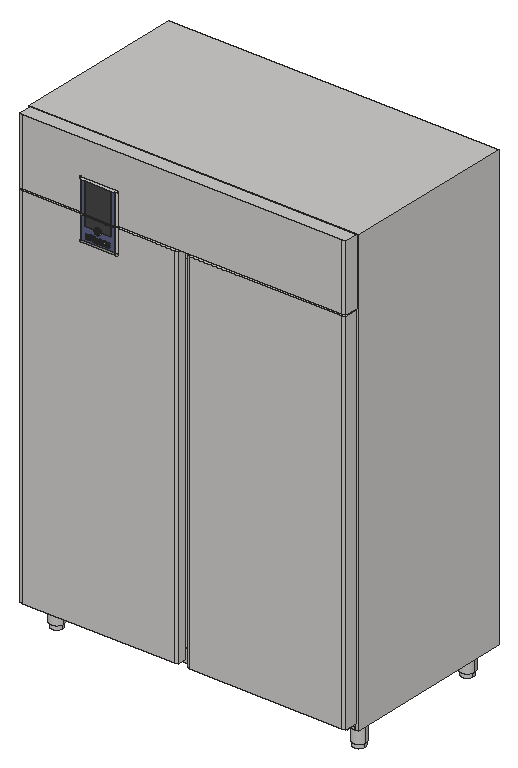
Revit family "QF_ELECTROLUXPROFESSIONAL_725238_ESP142FRRCO2", category Specialty Equipment, Revit 2018
Family settings
  Round Connector Dimension = Use Diameter
  Part Type = Normal
  Work Plane-Based = No
  Always vertical = Yes
  Cut with Voids When Loaded = No
  Shared = No
  Room Calculation Point = No
Parameters (values of type "Standard")
  Weight = 165.00 kg
  Watts = 0 W
  Volts = 220 V
  URL Manufacturer = "http://professional.electrolux.com"
  URL = "http://professional.electrolux.com"
  Steam Supply Size = 0 mm
  Steam Supply Minimum Pressure = 0.0 Pa
  Steam Supply Maximum Pressure = 0.0 Pa
  Steam Pounds per Hour = 0
  Refrigeration Suction Line Size = 0.031 mm
  Refrigeration Liquid Line Size = 0.02 mm
  Refrigerant Compressor Remote = yes
  Manufacturer = "Electrolux Professional"
  Phase = 1
  Model = "ESP142FRRCO2"
  Length Actual = 1441 mm  # constant formula
  Item Number = "725238"
  Hot Water Size = 0 mm
  Height Actual = 2050 mm  # constant formula
  HP = "0.2 HP"
  Gas Size = 0 mm
  Gas KW = 0
  Gas Input Pressure = 0 W
  Direct Waste Size = 0 mm
  Description = "2-DOOR REFRIG 1430L -2/+10°C, DIGIT, REM, CO2 W/VALVE"
  Depth Actual = 835 mm  # constant formula
  Cycle = 60 Hz
  Condensate Return Size = 0 mm
  Compressed Air Volume = 0.0 L/s
  Compressed Air Size = 0 mm
  Compressed Air Pressure = 0.0 Pa
  Cold Water Size = 0 mm
  Accessory = yes
Reference planes
  plane 1 "Center (Front/Back)": y = 0
  plane 2: z = 0
  plane 3 "Center (Left/Right)": x = 0
  plane 4 "BASE": z = 110
  plane 5 "TOP": z = 2050
  plane 6 "FRONT": y = -417.5
  plane 7 "BACK": y = 417.5
  plane 8 "LEFT": x = -720.5
  plane 9 "RIGHT": x = 720.5
  plane 10 "RO_Y": x = -245
  plane 11 "RO_X": y = -166.5
  plane 12 "RI_Y": x = -206
  plane 13 "RI_X": y = -187.5
  plane 14: z = 1802
Forms (mm)
  Extrusion 1, solid, material "QF_Finishes_Stainless Steel"
    sketch origin (0, 0, 0) x (1, 0, 0) y (0, 1, 0)
      loop
        circle (-643.5, 344.5) r 25
      loop
        circle (643.5, 344.5) r 25
      loop
        circle (-660.5, -269.5) r 25
      loop
        circle (660.5, -269.5) r 25
      loop
        circle (0, -121) r 25
    from 0 to 20
  Extrusion 2, solid, material "QF_Finishes_Stainless Steel"
    sketch origin (0, 0, 0) x (1, 0, 0) y (0, 1, 0)
      loop
        circle (-643.5, 344.5) r 30
      loop
        circle (643.5, 344.5) r 30
      loop
        circle (660.5, -269.5) r 30
      loop
        circle (-660.5, -269.5) r 30
      loop
        circle (0, -121) r 30
    from 20 to 110
  Extrusion 3, solid, material "QF_Finishes_Stainless Steel"
    sketch origin (0, 0, 110) x (-1, 0, 0) y (0, -1, 0)
      loop
        line (720.5, -417.5) -> (720.5, 345.5) -> (-720.5, 345.5) -> (-720.5, -417.5) -> (720.5, -417.5)
    from 0 to 1940
  Extrusion 4, solid
    sketch origin (0, 417.5, 1685) x (-1, 0, 0) y (0, 0, 1)
      loop
        circle (704.5, 124) r 10
    from 0 to 3.2
  Extrusion 5, solid, material "QF_Door-Drawer Clearances", detail levels coarse
    sketch origin (0, 0, 110) x (-1, 0, 0) y (0, -1, 0)
      loop
        line (-712.5, 409.5) -> (-648.5, 409.5) -> (-648.5, 1006.5) -> (-666.5, 1006.5) -> (-666.5, 1024.5) -> (-688.5, 1024.5) -> (-688.5, 1062.5) -> (-712.5, 1062.5) -> (-712.5, 409.5)
    from 1642.965 to 28
  Extrusion 6, solid, material "QF_Door-Drawer Clearances", detail levels coarse
    sketch origin (0, 0, 110) x (-1, 0, 0) y (0, -1, 0)
      loop
        line (-648.5, 409.5) -> (0, 409.5)
        arc (0, 409.5) -> (-211.9, 875.546) -> (-688.5, 1062.5) r 681.392
        line (-688.5, 1062.5) -> (-688.5, 1024.5) -> (-666.5, 1024.5) -> (-666.5, 1006.5) -> (-648.5, 1006.5) -> (-648.5, 409.5)
    from 1642.965 to 28
  Extrusion 7, solid, material "QF_Clearances", detail levels coarse
    sketch origin (0, 0, 110) x (-1, 0, 0) y (0, -1, 0)
      loop
        line (720.5, 417.5) -> (720.5, -417.5) -> (-720.5, -417.5) -> (-720.5, 417.5) -> (-740.5, 417.5) -> (-740.5, -447.5) -> (740.5, -447.5) -> (740.5, 417.5) -> (720.5, 417.5)
    from -110 to 1940
  Extrusion 8, solid, material "QF_Clearances", detail levels coarse
    sketch origin (0, 0, 2050) x (-1, 0, 0) y (0, -1, 0)
      loop
        line (740.5, -447.5) -> (740.5, 417.5) -> (-740.5, 417.5) -> (-740.5, -447.5) -> (740.5, -447.5)
    from 0 to 500
  Extrusion 9, void
    sketch origin (0, 417.5, 0) x (-1, 0, 0) y (0, 0, 1)
      loop
        line (645.5, 1724) -> (430, 1724) -> (430, 1695) -> (-430, 1695) -> (-430, 1724) -> (-645.5, 1724) -> (-645.5, 180) -> (-322.75, 170.906) -> (0, 180) -> (322.75, 170.906) -> (645.5, 180) -> (645.5, 1724)
    from -56 to -763
  Extrusion 10, solid, material "QF_Door-Drawer Clearances", detail levels coarse
    sketch origin (0, 0, 110) x (1, 0, 0) y (0, 1, 0)
      loop
        line (-712.5, -409.5) -> (-712.5, -1062.5) -> (-688.5, -1062.5) -> (-688.5, -1024.5) -> (-666.5, -1024.5) -> (-666.5, -1006.5) -> (-648.5, -1006.5) -> (-648.5, -409.5) -> (-712.5, -409.5)
    from 1642.965 to 28
  Extrusion 11, solid, material "QF_Door-Drawer Clearances", detail levels coarse
    sketch origin (0, 0, 110) x (1, 0, 0) y (0, 1, 0)
      loop
        line (-648.5, -409.5) -> (-648.5, -1006.5) -> (-666.5, -1006.5) -> (-666.5, -1024.5) -> (-688.5, -1024.5) -> (-688.5, -1062.5)
        arc (-688.5, -1062.5) -> (-211.9, -875.546) -> (0, -409.5) r 681.392
        line (0, -409.5) -> (-648.5, -409.5)
    from 1642.965 to 28
  Extrusion 12, solid, material "QF_Finishes_Stainless Steel"
    sketch origin (0, 417.5, 0) x (-1, 0, 0) y (0, 0, 1)
      loop
        line (40, 170.62) -> (40, 1695) -> (-40, 1695) -> (-40, 170.62) -> (0, 170) -> (40, 170.62)
    from -723 to -763
  Extrusion 13, solid, material "QF_Finishes_Stainless Steel"
    sketch origin (0, 0, 110) x (-1, 0, 0) y (0, -1, 0)
      loop
        circle (322.75, 254.5) r 7.938
      loop
        circle (-322.75, 254.5) r 7.938
    from 0 to -10
  Extrusion 14, solid, material "QF_Finishes_Stainless Steel"
    sketch origin (0, 0, 2050) x (-1, 0, 0) y (0, -1, 0)
      loop
        circle (245, 166.5) r 4.75
    from -29 to -137.696
  Extrusion 15, solid, material "QF_Finishes_Stainless Steel"
    sketch origin (0, 0, 0) x (0, 1, 0) y (0, 0, 1)
      loop
        circle (-187.5, 1855) r 3
    from -141.13 to -206
Cuts and joins
  joined: Extrusion 7, Extrusion 8
  Extrusion 9 cuts Extrusion 3
Lines and regions (mm)
  symbolic lines, style "SpecialityEquipmentHiddenLines"
    curve 1: line (712.5, -409.5, 110) -> (712.5, -1062.5, 110)
    curve 2: line (712.5, -1062.5, 110) -> (688.5, -1062.5, 110)
    curve 3: line (648.5, -409.5, 110) -> (648.5, -1006.5, 110)
    curve 4: line (688.5, -1062.5, 110) -> (688.5, -1024.5, 110)
    curve 5: line (688.5, -1024.5, 110) -> (666.5, -1024.5, 110)
    curve 6: line (666.5, -1024.5, 110) -> (666.5, -1006.5, 110)
    curve 7: line (666.5, -1006.5, 110) -> (648.5, -1006.5, 110)
    curve 13: arc (0, -409.5, 110) -> (211.9, -875.546, 110) -> (688.5, -1062.5, 110) r 681.392
    curve 14: line (-712.5, -1062.5, 110) -> (-688.5, -1062.5, 110)
    curve 15: line (-648.5, -409.5, 110) -> (-648.5, -1006.5, 110)
    curve 16: line (-688.5, -1062.5, 110) -> (-688.5, -1024.5, 110)
    curve 17: line (-688.5, -1024.5, 110) -> (-666.5, -1024.5, 110)
    curve 18: line (-666.5, -1024.5, 110) -> (-666.5, -1006.5, 110)
    curve 19: line (-666.5, -1006.5, 110) -> (-648.5, -1006.5, 110)
    curve 20: arc (0, -409.5, 110) -> (-211.9, -875.546, 110) -> (-688.5, -1062.5, 110) r 681.392
    curve 21: line (-712.5, -409.5, 110) -> (-712.5, -1062.5, 110)
  symbolic lines, style "QF_Clearances", detail levels coarse
    curve 8: line (-720.5, -417.5, 2050) -> (-740.5, -417.5, 2050)
    curve 9: line (-740.5, -417.5, 2050) -> (-740.5, 447.5, 2050)
    curve 10: line (-740.5, 447.5, 2050) -> (740.5, 447.5, 2050)
    curve 11: line (740.5, 447.5, 2050) -> (740.5, -417.5, 2050)
    curve 12: line (740.5, -417.5, 2050) -> (720.5, -417.5, 2050)
  symbolic lines
    curve 22: line (720.5, 417.5, 110) -> (-720.5, 417.5, 110)
    curve 23: line (720.5, -345.5, 110) -> (720.5, 417.5, 110)
    curve 24: line (-720.5, -345.5, 110) -> (720.5, -345.5, 110)
    curve 25: line (-720.5, 417.5, 110) -> (-720.5, -345.5, 110)
Dimensions and locks
  equal spacing: plane 7 "BACK", plane 1 "Center (Front/Back)", plane 6 "FRONT"
  equal spacing: plane 8 "LEFT", plane 3 "Center (Left/Right)", plane 9 "RIGHT"
  plane 8 "LEFT" to plane 9 "RIGHT" = 1441 mm
  plane 7 "BACK" to plane 6 "FRONT" = 835 mm
  plane 5 "TOP" to plane 2 = 2050 mm
  plane 8 "LEFT" to plane 10 "RO_Y" = 475.5 mm
  plane 7 "BACK" to plane 11 "RO_X" = 584 mm
  plane 7 "BACK" to plane 13 "RI_X" = 605 mm
  plane 5 "TOP" to plane 14 = 248 mm
  Extrusion 14 to plane 14 = 219 mm
  Extrusion 15 to plane 14 = 53 mm
  aligned and locked: level to plane 2
Automatic sketch dimensions
  curve 12 to plane 6 "FRONT" = 0 mm
  curve 12 to plane 9 "RIGHT" = 0 mm
  curve 8 to plane 6 "FRONT" = 0 mm
  curve 8 to plane 8 "LEFT" = 0 mm
  curve 10 to plane 9 "RIGHT" = 20 mm
  curve 8 to curve 9 = 20 mm
  plane 7 "BACK" to curve 10 = 30 mm
  Extrusion 1 sketch curve to plane 3 "Center (Left/Right)" = 0 mm
  plane 8 "LEFT" to Extrusion 1 sketch curve = 77 mm
  plane 8 "LEFT" to Extrusion 1 sketch curve = 60 mm
  plane 9 "RIGHT" to Extrusion 1 sketch curve = 77 mm
  plane 9 "RIGHT" to Extrusion 1 sketch curve = 60 mm
  plane 6 "FRONT" to Extrusion 1 sketch curve = 148 mm  (x2)
  plane 1 "Center (Front/Back)" to Extrusion 1 sketch curve = 121 mm
  Extrusion 1 sketch curve to plane 7 "BACK" = 73 mm  (x2)
  Extrusion 2 sketch curve to plane 3 "Center (Left/Right)" = 0 mm
  plane 8 "LEFT" to Extrusion 2 sketch curve = 77 mm
  plane 8 "LEFT" to Extrusion 2 sketch curve = 60 mm
  plane 9 "RIGHT" to Extrusion 2 sketch curve = 77 mm
  plane 9 "RIGHT" to Extrusion 2 sketch curve = 60 mm
  plane 6 "FRONT" to Extrusion 2 sketch curve = 148 mm  (x2)
  plane 1 "Center (Front/Back)" to Extrusion 2 sketch curve = 121 mm
  Extrusion 2 sketch curve to plane 7 "BACK" = 73 mm  (x2)
  Extrusion 3 sketch curve to plane 7 "BACK" = 0 mm
  Extrusion 3 sketch curve to plane 9 "RIGHT" = 0 mm
  Extrusion 3 sketch curve to plane 8 "LEFT" = 0 mm
  plane 6 "FRONT" to Extrusion 3 sketch curve = 72 mm
  plane 8 "LEFT" to Extrusion 4 sketch curve = 16 mm
  Extrusion 4 sketch curve to plane 5 "TOP" = 241 mm
  plane 9 "RIGHT" to Extrusion 5 sketch curve = 8 mm
  plane 9 "RIGHT" to Extrusion 5 sketch curve = 32 mm
  Extrusion 5 sketch curve to Extrusion 5 sketch curve = 22 mm
  plane 6 "FRONT" to Extrusion 5 sketch curve = 8 mm
  Extrusion 5 sketch curve to Extrusion 5 sketch curve = 64 mm
  Extrusion 5 sketch curve to plane 6 "FRONT" = 589 mm
  Extrusion 5 sketch curve to Extrusion 5 sketch curve = 18 mm
  Extrusion 5 sketch curve to Extrusion 5 sketch curve = 38 mm
  Extrusion 6 sketch curve to plane 3 "Center (Left/Right)" = 0 mm
  plane 9 "RIGHT" to Extrusion 6 sketch curve = 72 mm
  Extrusion 6 sketch curve to Extrusion 6 sketch curve = 18 mm  (x2)
  plane 9 "RIGHT" to Extrusion 6 sketch curve = 39.698 mm
  Extrusion 6 sketch curve to Extrusion 6 sketch curve = 22 mm
  plane 6 "FRONT" to Extrusion 6 sketch curve = 36.349 mm
  plane 6 "FRONT" to Extrusion 6 sketch curve = 8 mm
  Extrusion 6 sketch curve to Extrusion 6 sketch curve = 56 mm
  Extrusion 7 sketch curve to plane 6 "FRONT" = 0 mm  (x2)
  Extrusion 7 sketch curve to plane 7 "BACK" = 0 mm
  Extrusion 7 sketch curve to plane 9 "RIGHT" = 0 mm
  Extrusion 7 sketch curve to plane 8 "LEFT" = 0 mm
  Extrusion 7 sketch curve to plane 9 "RIGHT" = 20 mm
  Extrusion 7 sketch curve to Extrusion 7 sketch curve = 20 mm
  plane 7 "BACK" to Extrusion 7 sketch curve = 30 mm
  Extrusion 8 sketch curve to plane 6 "FRONT" = 0 mm
  Extrusion 8 sketch curve to plane 9 "RIGHT" = 20 mm
  Extrusion 8 sketch curve to plane 8 "LEFT" = 20 mm
  plane 7 "BACK" to Extrusion 8 sketch curve = 30 mm
  Extrusion 10 sketch curve to plane 8 "LEFT" = 8 mm
  Extrusion 10 sketch curve to plane 8 "LEFT" = 32 mm
  Extrusion 10 sketch curve to Extrusion 10 sketch curve = 22 mm
  Extrusion 10 sketch curve to plane 6 "FRONT" = 8 mm
  Extrusion 10 sketch curve to Extrusion 10 sketch curve = 64 mm
  plane 6 "FRONT" to Extrusion 10 sketch curve = 589 mm
  Extrusion 10 sketch curve to Extrusion 10 sketch curve = 18 mm
  Extrusion 10 sketch curve to Extrusion 10 sketch curve = 38 mm
  Extrusion 11 sketch curve to plane 3 "Center (Left/Right)" = 0 mm
  Extrusion 11 sketch curve to plane 8 "LEFT" = 72 mm
  Extrusion 11 sketch curve to Extrusion 11 sketch curve = 18 mm  (x2)
  Extrusion 11 sketch curve to plane 8 "LEFT" = 39.698 mm
  Extrusion 11 sketch curve to Extrusion 11 sketch curve = 22 mm
  Extrusion 11 sketch curve to plane 6 "FRONT" = 36.349 mm
  Extrusion 11 sketch curve to plane 6 "FRONT" = 8 mm
  Extrusion 11 sketch curve to Extrusion 11 sketch curve = 56 mm
  Extrusion 12 sketch curve to plane 3 "Center (Left/Right)" = 0 mm
  plane 3 "Center (Left/Right)" to Extrusion 12 sketch curve = 40 mm
  Extrusion 12 sketch curve to plane 3 "Center (Left/Right)" = 40 mm
  plane 4 "BASE" to Extrusion 12 sketch curve = 60 mm
  Extrusion 12 sketch curve to Extrusion 12 sketch curve = 0.62 mm  (x2)
  Extrusion 12 sketch curve to Extrusion 12 sketch curve = 1524.38 mm
  Extrusion 9 sketch curve to plane 3 "Center (Left/Right)" = 0 mm
  plane 4 "BASE" to Extrusion 9 sketch curve = 60.906 mm  (x2)
  plane 3 "Center (Left/Right)" to Extrusion 9 sketch curve = 322.75 mm
  plane 9 "RIGHT" to Extrusion 9 sketch curve = 290.5 mm
  plane 9 "RIGHT" to Extrusion 9 sketch curve = 75 mm
  Extrusion 9 sketch curve to plane 3 "Center (Left/Right)" = 322.75 mm
  plane 8 "LEFT" to Extrusion 9 sketch curve = 290.5 mm
  plane 8 "LEFT" to Extrusion 9 sketch curve = 75 mm
  plane 4 "BASE" to Extrusion 9 sketch curve = 70 mm  (x3)
  Extrusion 9 sketch curve to plane 5 "TOP" = 355 mm
  Extrusion 9 sketch curve to Extrusion 9 sketch curve = 29 mm  (x2)
  plane 3 "Center (Left/Right)" to Extrusion 13 sketch curve = 322.75 mm
  Extrusion 13 sketch curve to plane 3 "Center (Left/Right)" = 322.75 mm
  plane 6 "FRONT" to Extrusion 13 sketch curve = 163 mm  (x2)
  Extrusion 14 sketch curve to plane 10 "RO_Y" = 0 mm
  Extrusion 14 sketch curve to plane 11 "RO_X" = 0 mm
  Extrusion 15 sketch curve to plane 13 "RI_X" = 0 mm
  plane 14 to Extrusion 15 sketch curve = 53 mm
  curve 24 to plane 9 "RIGHT" = 0 mm
  curve 13 to plane 3 "Center (Left/Right)" = 0 mm
  curve 24 to plane 8 "LEFT" = 0 mm
  curve 25 to plane 7 "BACK" = 0 mm
  plane 9 "RIGHT" to curve 1 = 8 mm
  plane 9 "RIGHT" to curve 4 = 32 mm
  plane 9 "RIGHT" to curve 13 = 39.698 mm
  curve 4 to curve 6 = 22 mm
  curve 6 to curve 7 = 18 mm
  plane 8 "LEFT" to curve 15 = 72 mm
  curve 15 to curve 18 = 18 mm
  plane 8 "LEFT" to curve 20 = 39.698 mm
  plane 8 "LEFT" to curve 14 = 32 mm
  plane 8 "LEFT" to curve 21 = 8 mm
  plane 6 "FRONT" to curve 24 = 72 mm
  plane 6 "FRONT" to curve 20 = 36.349 mm
  plane 6 "FRONT" to curve 13 = 36.349 mm
  curve 6 to plane 6 "FRONT" = 589 mm
  curve 19 to plane 6 "FRONT" = 589 mm
  curve 18 to curve 17 = 18 mm
  curve 6 to curve 4 = 18 mm
  curve 16 to curve 21 = 38 mm
  plane 6 "FRONT" to curve 1 = 8 mm
  plane 6 "FRONT" to curve 15 = 8 mm
  plane 6 "FRONT" to curve 21 = 8 mm
  plane 6 "FRONT" to curve 3 = 8 mm
  radius of Extrusion 1 sketch curve = 25 mm  (x5)
  radius of Extrusion 2 sketch curve = 30 mm  (x5)
  radius of Extrusion 4 sketch curve = 10 mm
  radius of Extrusion 13 sketch curve = 7.938 mm  (x2)
  radius of Extrusion 14 sketch curve = 4.75 mm
  radius of Extrusion 15 sketch curve = 3 mm
Nested families
  nested 1: "QF_725238_Door" at (0, -345.5, 968.365) x (1, 0, 0) z (0, -1, 0), type "QF_725238_Door"
    with Show Clearance yes
  nested 2: "Refrigerator" at (720.5, -417.5, 110), type "Refrigerator"
Connectors
  electrical at (-704.5, 420.7, 1809), driven by "Volts"
    settings: on Extrusion 4, index 2, voltage 220 V, apparent load 0 VA, apparent load phase1 0 VA, apparent load phase2 0 VA, apparent load phase3 0 VA, power factor 1, load classification "Other", number of poles 1, system type 30, power factor state 1, is connector primary yes, connector utility no, sub classification motor no, connector description "Electrical Connection"
  piping at (322.75, -254.5, 100), diameter 15.875
    settings: on Extrusion 13, index 3, connector inside diameter 609.6 mm, connector length 0 mm, flow factor 0, pipe flow 0.0 L/s, pressure drop 0.0 Pa, fitting loss kfactor 0, connector angle 0.00°, fixture units 0, engagement length 0 mm, angle of deflection 0.00°, flow configuration 1, flow direction 2, fitting loss method 0, system type 16, joint type 0, gender type 0, connector reference index -1, connector utility 0, adjustable connector no, is connector primary yes, connector description "Drain"
  piping at (-322.75, -254.5, 100), diameter 15.875
    settings: on Extrusion 13, index 4, connector inside diameter 609.6 mm, connector length 0 mm, flow factor 0, pipe flow 0.0 L/s, pressure drop 0.0 Pa, fitting loss kfactor 0, connector angle 0.00°, fixture units 0, engagement length 0 mm, angle of deflection 0.00°, flow configuration 1, flow direction 2, fitting loss method 0, system type 16, joint type 0, gender type 0, connector reference index -1, connector utility 0, adjustable connector no, is connector primary no, connector description "Drain"
  piping at (-245, -166.5, 2021), diameter 9.5
    settings: on Extrusion 14, index 5, connector inside diameter 609.6 mm, connector length 0 mm, flow factor 0, pipe flow 0.0 L/s, pressure drop 0.0 Pa, fitting loss kfactor 0, connector angle 0.00°, fixture units 0, engagement length 0 mm, angle of deflection 0.00°, flow configuration 1, flow direction 2, fitting loss method 0, system type 8, joint type 0, gender type 0, connector reference index -1, connector utility 0, adjustable connector no, is connector primary no, connector description "Refrigerant Outlet"
  piping at (-206, -187.5, 1855), diameter 6
    settings: on Extrusion 15, index 6, connector inside diameter 609.6 mm, connector length 0 mm, flow factor 0, pipe flow 0.0 L/s, pressure drop 0.0 Pa, fitting loss kfactor 0, connector angle 0.00°, fixture units 0, engagement length 0 mm, angle of deflection 0.00°, flow configuration 1, flow direction 1, fitting loss method 0, system type 7, joint type 0, gender type 0, connector reference index -1, connector utility 0, adjustable connector no, is connector primary no, connector description "Refrigerant Inlet"
Definition of nested family "QF_725238_Door"
  Parameters
    Show Clearance [instance] = yes
    Model = "725238"
    Default Elevation = 0 mm
  Reference planes
    plane 1 "Center (Front/Back)": y = 0
    plane 2: z = 0
    plane 3 "Center (Left/Right)": x = 0
    plane 4 "panel": z = 64
  Forms (mm)
    Extrusion 1, solid
      sketch origin (0, -919.2, 0) x (1, 0, 0) y (0, 1, 0)
        loop
          line (-980.5, 2119.2) -> (-980.5, -162.846) -> (881.94, -162.846) -> (881.94, 2119.2) -> (-980.5, 2119.2)
      from 0 to -59.546
    Extrusion 2, solid
      sketch origin (365.5, 0, 0) x (1, 0, 0) y (0, 0, 1)
        loop
          line (-347, 26) -> (-325, 26) -> (-325, 8) -> (-307, 8) -> (-307, 0) -> (339, 0) -> (339, 8) -> (347, 8) -> (347, 60) -> (332, 64) -> (-332, 64) -> (-347, 60) -> (-347, 26)
      from -784.6 to 830.4
    Extrusion 3, solid
      sketch origin (484.5, -516.365, 0) x (0, 1, 0) y (0, 0, 1)
        loop
          line (-323.003, 40.312) -> (-316.501, 40.312) -> (-316.501, 42.812) -> (-325.503, 42.812) -> (-325.503, 2.5) -> (-342, 2.5) -> (-342, 0) -> (-323.003, 0) -> (-323.003, 12.259) -> (-323.003, 40.312)
        loop
          line (-314, 38.311) -> (-316.501, 38.311) -> (-316.501, 14.304) -> (-319.752, 14.304) -> (-319.752, 11.804) -> (-314, 11.804) -> (-314, 38.311)
      from 185 to 220
    Extrusion 4, solid
      sketch origin (484.5, 469.597, 0) x (0, 1, 0) y (0, 0, 1)
        loop
          line (315.003, 27.948) -> (315.003, 2.948) -> (315.003, 0) -> (322.003, 0) -> (322.003, 2.5) -> (317.503, 2.5) -> (317.503, 27.948) -> (315.003, 27.948)
      from 185 to 220
    Extrusion 5, solid
      sketch origin (-365.5, 0, 0) x (-1, 0, 0) y (0, 0, -1)
        loop
          line (-1078, -60) -> (-1063, -64) -> (332, -64) -> (347, -60) -> (347, 0) -> (-1078, 0) -> (-1078, -60)
      from -1081.6 to -791.6
    Extrusion 6, solid
      sketch origin (-365.5, 0, 0) x (-1, 0, 0) y (0, 0, -1)
        loop
          line (-347, -26) -> (-347, -60) -> (-332, -64) -> (332, -64) -> (347, -60) -> (347, -8) -> (339, -8) -> (339, 0) -> (-307, 0) -> (-307, -8) -> (-325, -8) -> (-325, -26) -> (-347, -26)
      from -784.6 to 830.4
    Extrusion 7, solid
      sketch origin (-484.5, -516.365, 0) x (0, 1, 0) y (0, 0, -1)
        loop
          line (-323.003, -40.312) -> (-323.003, -12.259) -> (-323.003, 0) -> (-342, 0) -> (-342, -2.5) -> (-325.503, -2.5) -> (-325.503, -42.812) -> (-316.501, -42.812) -> (-316.501, -40.312) -> (-323.003, -40.312)
        loop
          line (-314, -38.311) -> (-314, -11.804) -> (-319.752, -11.804) -> (-319.752, -14.304) -> (-316.501, -14.304) -> (-316.501, -38.311) -> (-314, -38.311)
      from 185 to 220
    Extrusion 8, solid
      sketch origin (-484.5, 469.597, 0) x (0, 1, 0) y (0, 0, -1)
        loop
          line (315.003, -27.948) -> (317.503, -27.948) -> (317.503, -2.5) -> (322.003, -2.5) -> (322.003, 0) -> (315.003, 0) -> (315.003, -2.948) -> (315.003, -27.948)
      from 185 to 220
  Lines and regions (mm)
    symbolic lines
      curve 1: line (-697.5, 0, 64) -> (697.5, 0, 64)
      curve 2: line (712.5, 0, 0) -> (-712.5, 0, 0)
      curve 3: line (712.5, 0, 60) -> (712.5, 0, 0)
      curve 4: line (704.5, 0, 8) -> (712.5, 0, 8)
      curve 5: line (704.5, 0, 8) -> (704.5, 0, 0)
      curve 6: line (-376.111, 0, 72) -> (-356.111, 0, 72)
      curve 7: line (-376.111, 0, 66) -> (-376.111, 0, 72)
      curve 8: line (-356.111, 0, 72) -> (-356.111, 0, 66)
      curve 9: line (-380.111, 0, 66) -> (-352.111, 0, 66)
      curve 10: line (-380.111, 0, 64) -> (-380.111, 0, 66)
      curve 11: line (-352.111, 0, 66) -> (-352.111, 0, 64)
      curve 12: line (-712.5, 0, 60) -> (-712.5, 0, 0)
      curve 13: line (-704.5, 0, 8) -> (-712.5, 0, 8)
      curve 14: line (-704.5, 0, 8) -> (-704.5, 0, 0)
      curve 15: line (-712.5, 0, 60) -> (-697.5, 0, 64)
      curve 16: line (712.5, 0, 60) -> (697.5, 0, 64)
  Dimensions and locks
    aligned and locked: plane 2 to Extrusion 1
    aligned and locked: level to Extrusion 1
  Nested families
    nested 1: "QF_DisplayPremiumCabinets" at (-365.5, 803.6, 64), type "QF_DisplayPremiumCabinets"
      with Show Clearance yes
  Definition of nested family "QF_DisplayPremiumCabinets"
    Parameters
      Show Clearance [instance] = yes
      Model = "728658"
      Default Elevation = 1219.2 mm
    Reference planes
      plane 1 "Center (Front/Back)": y = 0
      plane 2: z = 0
      plane 3 "Center (Left/Right)": x = 0
    Forms (mm)
      Extrusion 1, solid
        sketch origin (0, -919.2, 0) x (1, 0, 0) y (0, 1, 0)
          loop
            line (-980.5, 2119.2) -> (-980.5, -162.846) -> (881.94, -162.846) -> (881.94, 2119.2) -> (-980.5, 2119.2)
        from 0 to -59.546
      Extrusion 2, solid
        sketch origin (-0.611, 0, 0) x (1, 0, 0) y (0, 1, 0)
          loop
            circle (0.611, -59) r 14
        from 5 to 7
      Extrusion 3, solid
        sketch origin (364.889, -803.635, 0) x (1, 0, 0) y (0, 1, 0)
          loop
            circle (-364.889, 744.635) r 10
          loop
            circle (-364.889, 744.635) r 9
        from 5 to 8
      Extrusion 4, solid
        sketch origin (364.889, -803.635, 0) x (1, 0, 0) y (0, 1, 0)
          loop
            circle (-364.889, 744.635) r 8.7
        from 5 to 8
      Extrusion 5, void
        sketch origin (-744.647, -424.488, 0) x (0, -1, 0) y (1, 0, 0)
          loop
            line (-372.339, 745.885) -> (-372.339, 743.385) -> (-362.339, 743.385) -> (-362.339, 745.885) -> (-372.339, 745.885)
        from 8.592 to 6.269
      Extrusion 6, solid
        sketch origin (365.5, -803.635, 0) x (1, 0, 0) y (0, 1, 0)
          loop
            line (-380.472, 718.596) -> (-387.909, 718.596) -> (-387.909, 709.937)
            arc (-387.909, 709.937) -> (-386.93, 707.574) -> (-384.567, 706.595) r 3.341
            line (-384.567, 706.595) -> (-380.329, 706.595) -> (-380.329, 708.538) -> (-384.084, 708.538)
            arc (-384.084, 708.538) -> (-385.317, 708.955) -> (-385.843, 710.147) r 1.615
            line (-385.843, 710.147) -> (-385.843, 711.864) -> (-380.794, 711.864) -> (-380.794, 713.813) -> (-385.843, 713.813) -> (-385.843, 716.652) -> (-380.472, 716.652) -> (-380.472, 718.596)
          loop
            line (-378.861, 718.596) -> (-378.861, 706.595) -> (-376.794, 706.595) -> (-376.794, 718.596) -> (-378.861, 718.596)
          loop
            line (-333.968, 718.596) -> (-333.968, 706.595) -> (-331.9, 706.595) -> (-331.9, 718.596) -> (-333.968, 718.596)
          loop
            line (-373.376, 710.427) -> (-366.593, 710.427)
            arc (-366.593, 710.427) -> (-367.654, 714.154) -> (-371.282, 715.512) r 4.298
            arc (-371.282, 715.512) -> (-374.477, 713.892) -> (-375.389, 710.427) r 4.373
            arc (-375.389, 710.427) -> (-374.189, 707.53) -> (-371.292, 706.33) r 4.097
            arc (-371.292, 706.33) -> (-369.037, 706.663) -> (-367.147, 707.936) r 5.15
            line (-367.147, 707.936) -> (-368.371, 709.16)
            arc (-368.371, 709.16) -> (-369.978, 708.196) -> (-371.846, 708.358) r 3.039
            arc (-371.846, 708.358) -> (-372.985, 709.116) -> (-373.376, 710.427) r 2.013
          loop
            line (-373.324, 711.881) -> (-368.669, 711.881)
            arc (-368.669, 711.881) -> (-369.323, 713.255) -> (-370.758, 713.761) r 1.983
            arc (-370.758, 713.761) -> (-372.414, 713.33) -> (-373.324, 711.881) r 2.321
          loop
            line (-358.536, 712.746) -> (-357.238, 714.044)
            arc (-357.238, 714.044) -> (-358.865, 715.222) -> (-360.843, 715.574) r 4.497
            arc (-360.843, 715.574) -> (-363.86, 714.472) -> (-365.443, 711.677) r 4.652
            arc (-365.443, 711.677) -> (-362.774, 706.778) -> (-357.311, 707.907) r 4.684
            line (-357.311, 707.907) -> (-358.602, 709.198)
            arc (-358.602, 709.198) -> (-361.388, 708.276) -> (-363.383, 710.427) r 2.714
            arc (-363.383, 710.427) -> (-363.244, 712.128) -> (-362.073, 713.37) r 2.578
            arc (-362.073, 713.37) -> (-360.199, 713.656) -> (-358.536, 712.746) r 2.961
          loop
            line (-355.968, 718.596) -> (-355.968, 710.395)
            arc (-355.968, 710.395) -> (-355.789, 709.165) -> (-355.329, 708.01) r 5.301
            arc (-355.329, 708.01) -> (-353.854, 706.837) -> (-351.985, 706.59) r 3.531
            line (-351.985, 706.59) -> (-351.985, 708.527)
            arc (-351.985, 708.527) -> (-352.541, 708.569) -> (-353.059, 708.774) r 1.862
            arc (-353.059, 708.774) -> (-353.723, 709.477) -> (-353.901, 710.427) r 1.713
            line (-353.901, 710.427) -> (-353.901, 713.397) -> (-352.024, 713.397) -> (-352.024, 715.275) -> (-353.901, 715.275) -> (-353.901, 718.596) -> (-355.968, 718.596)
          loop
            arc (-348.234, 711.158) -> (-348.087, 712.023) -> (-347.66, 712.79) r 2.607
            arc (-347.66, 712.79) -> (-346.422, 713.426) -> (-345.031, 713.397) r 2.84
            line (-345.031, 713.397) -> (-345.031, 715.383)
            arc (-345.031, 715.383) -> (-346.848, 715.212) -> (-348.234, 714.023) r 3.016
            line (-348.234, 714.023) -> (-348.234, 715.275) -> (-350.285, 715.275) -> (-350.285, 706.595) -> (-348.234, 706.595) -> (-348.234, 711.158)
          loop
            circle (-339.976, 710.933) r 4.599
          loop
            circle (-339.976, 710.933) r 2.787
          loop
            arc (-324.445, 710.21) -> (-324.956, 708.807) -> (-326.34, 708.247) r 1.835
            arc (-326.34, 708.247) -> (-327.725, 708.807) -> (-328.235, 710.21) r 1.835
            line (-328.235, 710.21) -> (-328.235, 715.274) -> (-330.32, 715.274) -> (-330.32, 710.038)
            arc (-330.32, 710.038) -> (-329.133, 707.334) -> (-326.34, 706.376) r 3.675
            arc (-326.34, 706.376) -> (-323.516, 707.363) -> (-322.362, 710.123) r 3.675
            line (-322.362, 710.123) -> (-322.362, 715.274) -> (-324.445, 715.274) -> (-324.445, 710.21)
          loop
            line (-321.112, 715.274) -> (-318.111, 711.199) -> (-321.409, 706.592) -> (-319.186, 706.592) -> (-316.998, 709.65) -> (-314.777, 706.592) -> (-312.569, 706.592) -> (-315.82, 711.246) -> (-312.847, 715.274) -> (-315.103, 715.274) -> (-317.005, 712.698) -> (-318.877, 715.274) -> (-321.112, 715.274)
          loop
            line (-386.746, 701.621) -> (-388.394, 701.621) -> (-388.394, 697.47) -> (-387.492, 697.47) -> (-387.492, 698.9) -> (-386.495, 698.9)
            arc (-386.495, 698.9) -> (-385.38, 700.375) -> (-386.746, 701.621) r 1.372
          loop
            arc (-386.535, 699.715) -> (-386.193, 700.249) -> (-386.535, 700.782) r 0.587
            line (-386.535, 700.782) -> (-387.492, 700.782) -> (-387.492, 699.715) -> (-386.535, 699.715)
          loop
            line (-380.234, 701.621) -> (-381.911, 701.621) -> (-381.911, 697.47) -> (-381.009, 697.47) -> (-381.009, 698.9) -> (-380.136, 698.9) -> (-379.539, 697.47) -> (-378.571, 697.47) -> (-379.387, 699.22)
            arc (-379.387, 699.22) -> (-378.996, 699.688) -> (-378.865, 700.283) r 1.281
            arc (-378.865, 700.283) -> (-379.277, 701.231) -> (-380.234, 701.621) r 1.37
          loop
            line (-381.009, 700.782) -> (-381.009, 699.715) -> (-380.051, 699.715)
            arc (-380.051, 699.715) -> (-379.71, 700.249) -> (-380.051, 700.782) r 0.587
            line (-380.051, 700.782) -> (-381.009, 700.782)
          loop
            circle (-373.272, 699.545) r 2.156
          loop
            circle (-373.272, 699.545) r 1.368
          loop
            line (-367.574, 701.62) -> (-367.574, 697.47) -> (-366.694, 697.47) -> (-366.694, 698.921) -> (-365.132, 698.921) -> (-365.132, 699.851) -> (-366.694, 699.851) -> (-366.694, 700.726) -> (-364.982, 700.726) -> (-364.982, 701.62) -> (-367.574, 701.62)
          loop
            line (-361.482, 701.62) -> (-361.482, 698.818)
            arc (-361.482, 698.818) -> (-361.1, 697.869) -> (-360.155, 697.474) r 1.327
            line (-360.155, 697.474) -> (-358.815, 697.474) -> (-358.815, 698.258) -> (-360.075, 698.258)
            arc (-360.075, 698.258) -> (-360.538, 698.641) -> (-360.629, 699.236) r 0.845
            line (-360.629, 699.236) -> (-358.971, 699.236) -> (-358.971, 700.02) -> (-360.629, 700.02) -> (-360.629, 700.837) -> (-358.856, 700.837) -> (-358.856, 701.62) -> (-361.482, 701.62)
          loop
            arc (-346.454, 701.095) -> (-347.003, 701.546) -> (-347.7, 701.689) r 1.485
            arc (-347.7, 701.689) -> (-348.343, 701.532) -> (-348.871, 701.133) r 1.645
            arc (-348.871, 701.133) -> (-348.969, 700.191) -> (-348.361, 699.464) r 1.217
            arc (-348.361, 699.464) -> (-347.85, 699.293) -> (-347.365, 699.059) r 4.201
            arc (-347.365, 699.059) -> (-347.058, 698.698) -> (-347.27, 698.274) r 0.43
            arc (-347.27, 698.274) -> (-347.662, 698.182) -> (-348.052, 698.281) r 0.846
            arc (-348.052, 698.281) -> (-348.389, 698.524) -> (-348.596, 698.885) r 0.983
            line (-348.596, 698.885) -> (-349.322, 698.546)
            arc (-349.322, 698.546) -> (-349.06, 698.042) -> (-348.639, 697.661) r 1.595
            arc (-348.639, 697.661) -> (-348.161, 697.457) -> (-347.644, 697.405) r 1.719
            arc (-347.644, 697.405) -> (-347.004, 697.532) -> (-346.428, 697.838) r 2.246
            arc (-346.428, 697.838) -> (-346.174, 698.515) -> (-346.305, 699.225) r 1.349
            arc (-346.305, 699.225) -> (-346.589, 699.553) -> (-346.952, 699.79) r 1.564
            arc (-346.952, 699.79) -> (-347.411, 699.994) -> (-347.881, 700.171) r 8.236
            arc (-347.881, 700.171) -> (-348.153, 700.593) -> (-347.76, 700.907) r 0.375
            arc (-347.76, 700.907) -> (-347.29, 700.794) -> (-346.928, 700.472) r 0.998
            line (-346.928, 700.472) -> (-346.454, 701.095)
          loop
            line (-342.646, 701.62) -> (-342.646, 697.474) -> (-341.794, 697.474) -> (-341.794, 701.62) -> (-342.646, 701.62)
          loop
            circle (-336.044, 699.547) r 1.29
          loop
            circle (-336.044, 699.547) r 2.154
          loop
            line (-330.323, 697.474) -> (-329.462, 697.474) -> (-329.462, 700.081) -> (-327.564, 697.474) -> (-326.736, 697.474) -> (-326.736, 701.62) -> (-327.597, 701.62) -> (-327.597, 698.934) -> (-329.494, 701.62) -> (-330.323, 701.62) -> (-330.323, 697.474)
          loop
            line (-322.436, 697.474) -> (-322.032, 698.368) -> (-320.498, 698.368) -> (-320.094, 697.474) -> (-319.178, 697.474) -> (-320.929, 701.62) -> (-321.729, 701.62) -> (-323.352, 697.474) -> (-322.436, 697.474)
          loop
            line (-320.881, 699.219) -> (-321.292, 700.13) -> (-321.691, 699.219) -> (-320.881, 699.219)
          loop
            line (-314.942, 698.258) -> (-314.942, 701.62) -> (-315.795, 701.62) -> (-315.795, 697.474) -> (-313.347, 697.474) -> (-313.347, 698.258) -> (-314.942, 698.258)
          loop
            arc (-352.671, 701.095) -> (-353.221, 701.546) -> (-353.917, 701.689) r 1.485
            arc (-353.917, 701.689) -> (-354.56, 701.532) -> (-355.089, 701.133) r 1.645
            arc (-355.089, 701.133) -> (-355.186, 700.191) -> (-354.579, 699.464) r 1.217
            arc (-354.579, 699.464) -> (-354.067, 699.293) -> (-353.582, 699.059) r 4.201
            arc (-353.582, 699.059) -> (-353.276, 698.698) -> (-353.487, 698.274) r 0.43
            arc (-353.487, 698.274) -> (-353.879, 698.182) -> (-354.269, 698.281) r 0.846
            arc (-354.269, 698.281) -> (-354.607, 698.524) -> (-354.813, 698.885) r 0.983
            line (-354.813, 698.885) -> (-355.539, 698.546)
            arc (-355.539, 698.546) -> (-355.278, 698.042) -> (-354.856, 697.661) r 1.595
            arc (-354.856, 697.661) -> (-354.378, 697.457) -> (-353.861, 697.405) r 1.719
            arc (-353.861, 697.405) -> (-353.222, 697.532) -> (-352.646, 697.838) r 2.246
            arc (-352.646, 697.838) -> (-352.391, 698.515) -> (-352.523, 699.225) r 1.349
            arc (-352.523, 699.225) -> (-352.806, 699.553) -> (-353.169, 699.79) r 1.564
            arc (-353.169, 699.79) -> (-353.628, 699.994) -> (-354.099, 700.171) r 8.236
            arc (-354.099, 700.171) -> (-354.37, 700.593) -> (-353.978, 700.907) r 0.375
            arc (-353.978, 700.907) -> (-353.507, 700.794) -> (-353.145, 700.472) r 0.998
            line (-353.145, 700.472) -> (-352.671, 701.095)
          loop
            line (-402.895, 718.39) -> (-402.895, 698.596)
            arc (-402.895, 698.596) -> (-395.578, 708.493) -> (-402.895, 718.39) r 10.352
          loop
            arc (-403.902, 718.39) -> (-412.134, 716.519) -> (-416.1, 709.067) r 10.145
            line (-416.1, 709.067) -> (-412.825, 709.067)
            arc (-412.825, 709.067) -> (-406.975, 711.441) -> (-403.902, 716.957) r 9.509
            line (-403.902, 716.957) -> (-403.902, 718.39)
          loop
            arc (-403.902, 700.029) -> (-406.975, 705.544) -> (-412.825, 707.919) r 9.509
            line (-412.825, 707.919) -> (-416.1, 707.919)
            arc (-416.1, 707.919) -> (-412.141, 700.405) -> (-403.902, 698.341) r 10.411
            line (-403.902, 698.341) -> (-403.902, 700.029)
          loop
            line (-416.852, 719.47) -> (-416.852, 697.47) -> (-394.822, 697.47) -> (-394.822, 719.47) -> (-416.852, 719.47)
        from 3 to 5.5
      Blend 7, solid
        base sketch origin (365.5, -803.635, 0) x (1, 0, 0) y (0, 1, 0)
          loop
            line (-439.797, 784.635) -> (-439.797, 685.635) -> (-291.203, 685.635) -> (-291.203, 784.635) -> (-439.797, 784.635)
        top sketch origin (365.5, -803.635, 0) x (1, 0, 0) y (0, 1, 0)
          loop
            line (-449.797, 784.635) -> (-449.797, 683.635)
            arc (-449.797, 683.635) -> (-447.454, 677.978) -> (-441.797, 675.635) r 8
            line (-441.797, 675.635) -> (-289.203, 675.635)
            arc (-289.203, 675.635) -> (-283.546, 677.978) -> (-281.203, 683.635) r 8
            line (-281.203, 683.635) -> (-281.203, 784.635) -> (-449.797, 784.635)
        from 5 to 0
      Blend 8, solid
        base sketch origin (365.5, -803.635, 0) x (1, 0, 0) y (0, 1, 0)
          loop
            line (-439.797, 791.635) -> (-291.203, 791.635) -> (-291.203, 921.635) -> (-439.797, 921.635) -> (-439.797, 791.635)
        top sketch origin (365.5, -803.635, 0) x (1, 0, 0) y (0, 1, 0)
          loop
            line (-281.203, 791.635) -> (-281.203, 923.635)
            arc (-281.203, 923.635) -> (-283.546, 929.291) -> (-289.203, 931.635) r 8
            line (-289.203, 931.635) -> (-441.797, 931.635)
            arc (-441.797, 931.635) -> (-447.454, 929.291) -> (-449.797, 923.635) r 8
            line (-449.797, 923.635) -> (-449.797, 791.635) -> (-281.203, 791.635)
        from 5 to 0
      Extrusion 9, solid
        sketch origin (-744.647, -424.488, 0) x (0, -1, 0) y (1, 0, 0)
          loop
            line (-372.339, 745.885) -> (-372.339, 743.385) -> (-362.339, 743.385) -> (-362.339, 745.885) -> (-372.339, 745.885)
        from 6 to 8
      Extrusion 10, solid
        sketch origin (0, 0, 0) x (1, 0, 0) y (0, 1, 0)
          loop
            line (-74.297, 118) -> (-74.297, -12) -> (-58.5, -12) -> (-58.5, 118) -> (-74.297, 118)
          loop
            line (74.297, -12) -> (74.297, 118) -> (58.5, 118) -> (58.5, -12) -> (74.297, -12)
        from 0 to 5
      Extrusion 11, solid
        sketch origin (0, 0, 0) x (1, 0, 0) y (0, 1, 0)
          loop
            line (-74.297, -118) -> (74.297, -118) -> (74.297, -19) -> (58.5, -19) -> (58.5, -58.988) -> (-58.5, -58.988) -> (-58.5, -19) -> (-74.297, -19) -> (-74.297, -118)
        from 0 to 5
      Extrusion 12, solid
        sketch origin (0, 0, 0) x (1, 0, 0) y (0, 1, 0)
          loop
            line (-58.5, -12) -> (58.5, -12) -> (58.5, 118) -> (-58.5, 118) -> (-58.5, -12)
          loop
            line (58.5, -19) -> (-58.5, -19) -> (-58.5, -58.988) -> (58.5, -58.988) -> (58.5, -19)
        from 0 to 5
      Extrusion 13, void
        sketch origin (0, 0, 0) x (1, 0, 0) y (0, 1, 0)
          loop
            line (-74.297, 118) -> (-74.297, -12) -> (74.297, -12) -> (74.297, 118) -> (-74.297, 118)
          loop
            line (74.297, -118) -> (74.297, -19) -> (-74.297, -19) -> (-74.297, -118) -> (74.297, -118)
        from 0 to 5
    Cuts and joins
      Extrusion 5, Extrusion 13 cuts Extrusion 4
      Extrusion 13 cuts Extrusion 6
      Extrusion 13 cuts Extrusion 2
      Extrusion 13 cuts Extrusion 3
      Extrusion 13 cuts Blend 7
      Extrusion 13 cuts Blend 8
      Extrusion 13 cuts Extrusion 9
    Lines and regions (mm)
      symbolic lines
        curve 1: line (10.611, 0, 8) -> (-9.389, 0, 8)
        curve 2: line (-84.297, 0, 0) -> (-74.297, 0, 5)
        curve 3: line (-74.297, 0, 5) -> (74.297, 0, 5)
        curve 4: line (74.297, 0, 5) -> (84.297, 0, 0)
        curve 5: line (-13.389, 0, 5) -> (-13.389, 0, 7)
        curve 6: line (-13.389, 0, 7) -> (14.611, 0, 7)
        curve 7: line (14.611, 0, 7) -> (14.611, 0, 5)
        curve 8: line (10.611, 0, 7) -> (10.611, 0, 8)
        curve 9: line (-9.389, 0, 7) -> (-9.389, 0, 8)
    Dimensions and locks
      aligned and locked: plane 2 to Extrusion 1
      aligned and locked: level to Extrusion 1
Definition of nested family "Refrigerator"
  Reference planes
    plane 1 "Center (Front/Back)": y = 0
    plane 2: z = 0
    plane 3 "Center (Left/Right)": x = 0
  Lines and regions (mm)
    detail lines, in view "Ref. Level"
      curve 1: spline (-500, 190, 0) -> (-493.185, 166.706, 0) -> (-473.205, 145, 0) -> (-441.421, 126.36, 0) -> (-400, 112.058, 0) -> (-351.764, 103.067, 0) -> (-300, 100, 0) -> (-248.236, 103.067, 0) -> (-200, 112.058, 0) -> (-158.579, 126.36, 0) -> (-126.795, 145, 0) -> (-106.815, 166.706, 0) -> (-100, 190, 0) -> (-106.815, 213.294, 0) -> (-126.795, 235, 0) -> (-158.579, 253.64, 0) -> (-200, 267.942, 0) -> (-248.236, 276.933, 0) -> (-300, 280, 0) -> (-351.764, 276.933, 0) -> (-400, 267.942, 0) -> (-441.421, 253.64, 0) -> (-473.205, 235, 0) -> (-493.185, 213.294, 0) -> (-500, 190, 0)
      curve 2: line (-300, 130, 0) -> (-300, 250, 0)
      curve 3: line (-351.962, 220, 0) -> (-248.038, 160, 0)
      curve 4: line (-351.962, 160, 0) -> (-248.038, 220, 0)
      curve 5: line (-280.884, 246.873, 0) -> (-300, 225, 0)
      curve 6: line (-300, 225, 0) -> (-319.116, 246.873, 0)
      curve 7: line (-330.311, 207.5, 0) -> (-339.696, 234.992, 0)
      curve 8: line (-358.812, 201.882, 0) -> (-330.311, 207.5, 0)
      curve 9: line (-330.311, 172.5, 0) -> (-358.812, 178.118, 0)
      curve 10: line (-339.696, 145.008, 0) -> (-330.311, 172.5, 0)
      curve 11: line (-300, 155, 0) -> (-319.116, 133.127, 0)
      curve 12: line (-280.884, 133.127, 0) -> (-300, 155, 0)
      curve 13: line (-269.689, 172.5, 0) -> (-260.304, 145.008, 0)
      curve 14: line (-241.188, 178.118, 0) -> (-269.689, 172.5, 0)
      curve 15: line (-269.689, 207.5, 0) -> (-241.188, 201.882, 0)
      curve 16: line (-260.304, 234.992, 0) -> (-269.689, 207.5, 0)
